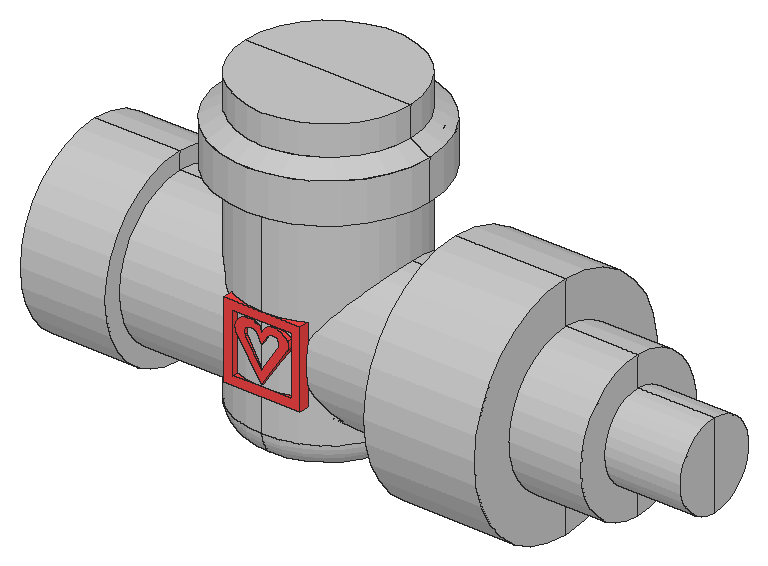
Revit family "Клапан для отключения радиатора HERZ-RL-5 с возможностью гидравлической настройки и слива, проходной 3923", category Rohrzubehör, Revit 2021
Family settings
  Bemaßung runder Anschluss = Durchmesser verwenden
  Teiletyp = Unterbricht
  OmniClass-Nummer = 23.65.55.14
  OmniClass-Titel = Valves for Liquid Services
  Arbeitsebenenbasiert = Nein
  Immer vertikal = Nein
  Beim Laden mit Abzugskörper schneiden = Nein
  Gemeinsam genutzt = Nein
Parameters
  Среда = "Качество воды в соответствии с ÖNORM H 5195 или директивой VDI 2035."
  Область применения = "Система водяного отопления. С помощью установки радиаторных запорных клапанов возможно осуществить перекрытие обратного потока нагревательных приборов. При одновременном перекрытии с клапаном на подающем трубопроводе возможен демонтаж радиатора в системе, которая находится под давлением. Промывку радиатора или ремонт помещения (оклеивание обоями, облицовку плиткой) можно проводить, не прерывая работу системы. С помощью клапана для отключения радиатора HERZ-RL-5 можно настроить расход воды, протекающей через радиатор, в соответствии с требуемой мощностью. Установка данного клапана особенно рекомендуется при монтаже термостатических клапанов без преднастройки, что способствует экономному расходу воды и поддержанию устойчивой работы системы.  При помощи клапана HERZ-RL-5 можно заполнить или опорожнить радиаторы или систему."
  Номер заказа [instance] = size_lookup("3923_5_", "Artnr", 0, Nennweite)  # 1392300
  Макс. рабочее давление = 1000000.0 Pa  # constant formula
  Макс. рабочая температура = 120 °C  # constant formula
  Корпус = "Никелированная латунь"  # constant formula
  Исполнение = "Все модели поставляются в никелированном исполнении, это универсальные модели со специальной муфтой для резьбовой трубы и компрессионных фитингов."
  W02 [instance] = 70.00°  # constant formula
  W01 = 120.00°  # constant formula
  Vorgabe-Ansicht = 0.000 mm
  URL = "www.herz-armaturen.ru"
  SCRNSEQ = "ARM;ARM_TYP=\"ALLF\";2"
  SCRNCODE = "05;01;02"  # constant formula
  S04 = 45.000 mm  # constant formula
  S03 = 61.000 mm  # constant formula
  S02 [instance] = L05 + L06 + L07  # 45.500 mm
  S01 = 10.000 mm  # constant formula
  R05 = 9.750 mm  # constant formula
  R04 = 12.000 mm  # constant formula
  R02 = 9.750 mm  # constant formula
  R01 = 11.000 mm  # constant formula
  Nennweite [instance] = 10.000 mm
  L07 [instance] = size_lookup("3923_5_", "L7", 1.000 mm, Nennweite)  # 17.500 mm
  L06 [instance] = size_lookup("3923_5_", "L6", 1.000 mm, Nennweite)  # 13.000 mm
  L05 [instance] = L02 - L04  # 15.000 mm
  L04 [instance] = size_lookup("3923_5_", "L4", 1.000 mm, Nennweite)  # 7.500 mm
  L03 [instance] = size_lookup("3923_5_", "L3", 1.000 mm, Nennweite)  # 10.000 mm
  L02 [instance] = size_lookup("3923_5_", "L2", 1.000 mm, Nennweite)  # 22.500 mm
  L01 [instance] = size_lookup("3923_5_", "L1", 1.000 mm, Nennweite)  # 27.500 mm
  Hersteller = "HERZ Armaturen Ges.m.b.H"  # constant formula
  H06 = 3.500 mm  # constant formula
  H05 = 9.500 mm  # constant formula
  H04 [instance] = H02 - H03  # 16.000 mm
  H03 = 5.000 mm  # constant formula
  H02 [instance] = 21.000 mm  # constant formula
  H01 [instance] = size_lookup("3923_5_", "H1", 1.000 mm, Nennweite)  # 14.000 mm
  GTI [instance] = size_lookup("3923_5_", "GT1", 1.000 mm, Nennweite)  # 9.000 mm
  GT [instance] = size_lookup("3923_5_", "GT", 1.000 mm, Nennweite)  # 9.500 mm
  G2 [instance] = Nennweite / 2  # 5.000 mm
  G1 [instance] = Nennweite / 2  # 5.000 mm
  D05 [instance] = size_lookup("3923_5_", "D5", 1.000 mm, Nennweite)  # 8.500 mm
  D04 [instance] = size_lookup("3923_5_", "D4", 1.000 mm, Nennweite)  # 13.500 mm
  D03 [instance] = size_lookup("3923_5_", "D3", 1.000 mm, Nennweite)  # 7.940 mm
  D02 [instance] = size_lookup("3923_5_", "D2", 1.000 mm, Nennweite)  # 9.000 mm
  D01 [instance] = size_lookup("3923_5_", "D1", 1.000 mm, Nennweite)  # 11.000 mm
Reference planes
  plane 1 "Mitte (Vorne/hinten)": y = 0
  plane 2: z = 0
  plane 3 "Mitte (Links/rechts)": x = 0
Forms (mm)
  Revolve 1, solid, material "Messing, vernickelt", detail levels fine
    sketch origin (0, 0, 0) x (1, 0, 0) y (0, 0, 1)
      loop
        line (-18, 0) -> (22.5, 0) -> (22.5, 7.94) -> (15, 7.94) -> (15, 9) -> (-17.5, 9) -> (-17.5, 11) -> (-27.5, 11) -> (-27.5, 5) -> (-18, 5) -> (-18, 0)
      axis (-27.5, 0) -> (22.5, 0)
    angle from 0 to 360
  Revolve 2, solid, material "Messing, vernickelt", detail levels fine
    sketch origin (0, 0, 0) x (0, 1, 0) y (0, 0, 1)
      loop
        line (0, 21) -> (-11, 21) -> (-11, 16) -> (-9.75, 16) -> (-9.75, -8.456)
        arc (-9.75, -8.456) -> (-9.408, -9.847) -> (-8.46, -10.921) r 3
        line (-8.46, -10.921) -> (0, -14) -> (0, 21)
      axis (0, -14) -> (0, 21)
    angle from 0 to 360
  Revolve 3, solid, material "Messing, vernickelt", detail levels fine
    sketch origin (0, 0, 0) x (1, 0, 0) y (0, 0, 1)
      loop
        line (22.5, 0) -> (45.5, 0) -> (45.5, 5) -> (36.5, 5) -> (36.5, 8.5) -> (28, 8.5) -> (28, 13.5) -> (15, 13.5) -> (15, 7.94) -> (22.5, 7.94) -> (22.5, 0)
      axis (15, 0) -> (45.5, 0)
    angle from 0 to 360
  Revolve 4, solid, material "Messing, vernickelt", detail levels fine
    sketch origin (0, 0, 9) x (1, 0, 0) y (0, 0, 1)
      loop
        line (0, 7) -> (12, 7) -> (12, 11.701) -> (9.75, 13) -> (9.75, 16.5) -> (0, 16.5) -> (0, 7)
      axis (0, 16.5) -> (0, 7)
    angle from 0 to 360
Lines and regions (mm)
  model lines, detail levels coarse+medium
    curve 1: line (-27.5, 0, 11) -> (-27.5, 0, -11)
    curve 2: line (-27.5, 0, -11) -> (27.5, 0, 11)
    curve 3: line (27.5, 0, 11) -> (27.5, 0, -11)
    curve 4: line (27.5, 0, -11) -> (-27.5, 0, 11)
    curve 5: line (27.5, 0, 11) -> (37.5, 0, 11)
    curve 6: line (37.5, 0, 11) -> (27.5, 0, 0)
    curve 7: line (27.5, 0, -11) -> (37.5, 0, -11)
    curve 8: line (37.5, 0, -11) -> (27.5, 0, 0)
    curve 9: line (27.5, 0, 0) -> (45.5, 0, 0)
    curve 10: line (-27.5, 11, 0) -> (-27.5, -11, 0)
    curve 11: line (-27.5, -11, 0) -> (27.5, 11, 0)
    curve 12: line (27.5, 11, 0) -> (27.5, -11, 0)
    curve 13: line (27.5, -11, 0) -> (-27.5, 11, 0)
    curve 14: line (27.5, 11, 0) -> (37.5, 11, 0)
    curve 15: line (37.5, 11, 0) -> (27.5, 0, 0)
    curve 16: line (27.5, -11, 0) -> (37.5, -11, 0)
    curve 17: line (37.5, -11, 0) -> (27.5, 0, 0)
Dimensions and locks
  "L01": Revolve 1 sketch curve to plane 3 "Mitte (Links/rechts)"
  "L02": Revolve 1 sketch curve to plane 3 "Mitte (Links/rechts)"
  "G1": Revolve 1 sketch curve to plane 2
  "GT": Revolve 1 sketch curve to Revolve 1 sketch curve
  "D01": Revolve 1 sketch curve to Revolve 1 sketch curve
  "D02": Revolve 1 sketch curve to Revolve 1 sketch curve
  "D03": Revolve 1 sketch curve to Revolve 1 sketch curve
  "L03": Revolve 1 sketch curve to Revolve 1 sketch curve
  "L04": Revolve 1 sketch curve to Revolve 1 sketch curve
  "H02": Revolve 2 sketch curve to plane 2
  "R01": Revolve 2 sketch curve to plane 1 "Mitte (Vorne/hinten)"
  "D03": Revolve 3 sketch curve to plane 2
  "L04": Revolve 3 sketch curve to Revolve 3 sketch curve
  "L05": Revolve 3 sketch curve to plane 3 "Mitte (Links/rechts)"
  "L06": Revolve 3 sketch curve to Revolve 3 sketch curve
  "L07": Revolve 3 sketch curve to Revolve 3 sketch curve
  "D04": Revolve 3 sketch curve to Revolve 3 sketch curve
  "G2": Revolve 3 sketch curve to Revolve 3 sketch curve
  "D05": Revolve 3 sketch curve to Revolve 3 sketch curve
  "GTI": Revolve 3 sketch curve to Revolve 3 sketch curve
  "D01": curve 4 to plane 2 to curve 2
  "D01": curve 3 to plane 2 to curve 4
  "L01": curve 1 to plane 3 "Mitte (Links/rechts)" to curve 3
  "S01": curve 3 to curve 6
  "S02": curve 9 to plane 3 "Mitte (Links/rechts)"
  "L01": curve 10 to plane 3 "Mitte (Links/rechts)" to curve 12
  "D01": curve 11 to plane 1 "Mitte (Vorne/hinten)" to curve 13
  "D01": curve 13 to plane 1 "Mitte (Vorne/hinten)" to curve 12
  "S01": curve 12 to curve 15
  "S01": curve 12 to curve 17
  "H03": Revolve 2 sketch curve to Revolve 2 sketch curve
  "R02": Revolve 2 sketch curve to Revolve 2 sketch curve
  "H05": Revolve 4 sketch curve to Revolve 4 sketch curve
  "R05": Revolve 4 sketch curve to Revolve 4 sketch curve
  "R04": Revolve 4 sketch curve to Revolve 4 sketch curve
  "H06": Revolve 4 sketch curve to Revolve 4 sketch curve
  "H04": Revolve 4 sketch curve to plane 2
  "D02": nested 1 to plane 1 "Mitte (Vorne/hinten)"
  "H01": plane 2 to Revolve 2 sketch curve
  "W01": angle Revolve 4 sketch curve to Revolve 4 sketch curve
  "W02": angle Revolve 2 sketch curve to Revolve 2 sketch curve
  aligned and locked: level to plane 2
Automatic sketch dimensions
  curve 9 to level = 0.000 mm
  curve 3 to curve 8 = 10.000 mm
  plane 1 "Mitte (Vorne/hinten)" to curve 17 = 0.000 mm
  Revolve 1 sketch curve to level = 0.000 mm  (x2)
  Revolve 1 sketch curve to Revolve 1 sketch curve = 1436.530 mm
  Revolve 1 sketch curve to Revolve 1 sketch curve = 1779.148 mm
  Revolve 2 sketch curve to plane 1 "Mitte (Vorne/hinten)" = 0.000 mm  (x2)
  Revolve 2 sketch curve to Revolve 2 sketch curve = 1.290 mm
  Revolve 2 sketch curve to Revolve 2 sketch curve = 1.710 mm
  Revolve 2 sketch curve to Revolve 2 sketch curve = 98.333 mm
  Revolve 2 sketch curve to Revolve 2 sketch curve = 1236.335 mm
  Revolve 3 sketch curve to level = 0.000 mm  (x2)
  Revolve 3 sketch curve to plane 3 "Mitte (Links/rechts)" = 1506.530 mm
  Revolve 3 sketch curve to Revolve 3 sketch curve = 1789.648 mm
  Revolve 4 sketch curve to plane 3 "Mitte (Links/rechts)" = 0.000 mm  (x2)
  Revolve 4 sketch curve to level = 357.045 mm
  Revolve 4 sketch curve to Revolve 4 sketch curve = 2188.615 mm
Nested families
  nested 1: "Herz-Logo-vorne" at (0, -9, 0) x (0, 1, 0) z (0, 0, 1), type "Herz-Logo-vorne", detail levels fine
Connectors
  piping at (-18, 0, 0), diameter 10, driven by "Nennweite"
    settings: on Revolve 1, index 1, connector inside diameter 609.6 mm, connector length 0.000 mm, flow factor 0, pipe flow 0.0 L/s, pressure drop 0.0 Pa, fitting loss kfactor 0, connector angle 0.00°, fixture units 0, engagement length 0.000 mm, angle of deflection 0.00°, flow configuration 0, flow direction 1, fitting loss method 0, system type 8, joint type 0, gender type 0, connector reference index -1, connector utility 0, adjustable connector no, is connector primary yes, connector description ""
  piping at (45.5, 0, 0), diameter 10, driven by "Nennweite"
    settings: on Revolve 3, index 2, connector inside diameter 609.6 mm, connector length 0.000 mm, flow factor 0, pipe flow 0.0 L/s, pressure drop 0.0 Pa, fitting loss kfactor 0, connector angle 0.00°, fixture units 0, engagement length 0.000 mm, angle of deflection 0.00°, flow configuration 0, flow direction 2, fitting loss method 0, system type 8, joint type 0, gender type 0, connector reference index -1, connector utility 0, adjustable connector no, is connector primary no, connector description ""
Definition of nested family "Herz-Logo-vorne"
  Parameters (values of type "Herz-Logo-vorne")
    Default Elevation = 0.000 mm
  Reference planes
    plane 1 "Mitte (Vorne/hinten)": y = 0
    plane 2: z = 0
    plane 3 "Mitte (Links/rechts)": x = 0
  Forms (mm)
    Extrusion 1, solid
      sketch origin (0.732, -0.018, 0.017) x (0, -1, 0) y (0, 0, 1)
        loop
          line (-0.018, -4.517) -> (4.482, -4.517) -> (4.482, 4.483) -> (-4.518, 4.483) -> (-4.518, -4.517) -> (-0.018, -4.517)
        loop
          line (-0.05, -3.48) -> (3.482, -3.48) -> (3.482, 3.483) -> (-3.518, 3.483) -> (-3.518, -3.48) -> (-0.05, -3.48)
        loop
          arc (-0.018, 2.383) -> (-1.543, 3.287) -> (-3.067, 2.383) r 1.738
          arc (-3.067, 2.383) -> (-3.191, 1.899) -> (-3.067, 1.415) r 1.009
          line (-3.067, 1.415) -> (-0.018, -3.281) -> (3.032, 1.415)
          arc (3.032, 1.415) -> (3.156, 1.899) -> (3.032, 2.383) r 1.009
          arc (3.032, 2.383) -> (1.507, 3.287) -> (-0.018, 2.383) r 1.738
        loop
          arc (1.885, 1.272) -> (2.005, 1.675) -> (1.885, 2.079) r 0.74
          arc (1.885, 2.079) -> (1.265, 2.416) -> (0.644, 2.079) r 0.74
          line (0.644, 2.079) -> (-0.018, 0.97) -> (-0.679, 2.079)
          arc (-0.679, 2.079) -> (-1.3, 2.416) -> (-1.921, 2.079) r 0.74
          arc (-1.921, 2.079) -> (-2.04, 1.675) -> (-1.921, 1.272) r 0.74
          line (-1.921, 1.272) -> (-0.018, -1.658) -> (1.885, 1.272)
      from 0 to 1.5
  Dimensions and locks
    aligned and locked: level to plane 2
